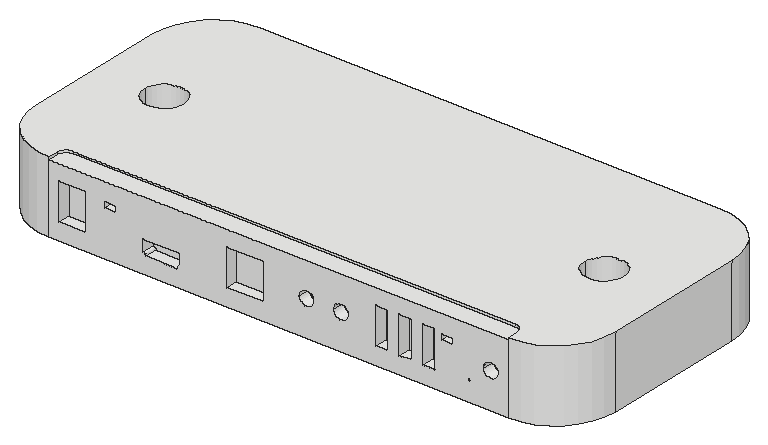
Revit family "Electronics_Huddle-Room-Solutions_Biamp_Devio_Conferencing-Hub_SCR-10__", category Communication Devices, host Face, Revit 2020
Family settings
  Host = Face
  Maintain Annotation Orientation = No
  Round Connector Dimension = Use Diameter
  Part Type = Normal
  OmniClass Number = 23.85.10.17.11.11
  OmniClass Title = Broadcasting Receiving Equipment
  Cut with Voids When Loaded = No
  Shared = No
  Room Calculation Point = No
Parameters (values of type "SCR-10")
  Width = 0' - 7.33333"
  Weight = 0.40 lbf
  Voltage = 5 V
  URL = "https://www.biamp.com/"
  Temperature Range = "50-86° F (10-30° C)"  # constant formula
  Supported Resolutions = "Up to 4096 x 2160p (60fps)"  # constant formula
  Status Indicator = "Status Indicator (Green/Red LED)"  # constant formula
  Product data url = "https://www.bimobject.com/biamp/product/devio-scr-10_huddle-room-solution"
  Product Page URL = "https://www.biamp.com/products/product-families/devio/huddle-room-solutions#devio-scr-10"
  Product Documentation Link = "https://downloads.biamp.com/assets/docs/default-source/data-sheets/biamp_data_sheet_devio_scr-10_nov21.pdf"
  Power Factor = 1
  Physical Interfaces = "HDMI\r"  # constant formula
  Number of Poles = 1
  Network Connection = "RJ-45 with Ethernet cable (Cat 5e and above)"  # constant formula
  Model = "Devio SCR-10"  # constant formula
  Max Power Consumption = 15 W
  Manufacturer = "Biamp"  # constant formula
  Included Accessories = "3m USB 3.0 cable Mounting screws Zip ties"  # constant formula
  Humidity = "10-90% relative humidity (non-condensing)"  # constant formula
  Housing Material = Biamp - Plastic - White
  Height = 0' - 0 29/32"
  HDCP Support = "2.0"  # constant formula
  Description = "Devio® SCR-10 Conferencing Hub"  # constant formula
  Depth = 0' - 3 11/32"
  Default Elevation = 4' - 0"
  Connector Description = "5V DC 15W"  # constant formula
  Compliance = "CE Marked (Europe) RoHS Directive (Europe)"  # constant formula
  Apparent Load = Max Power Consumption / Power Factor  # 15 VA
Reference planes (in)
  plane 1 "Center (Front/Back)": y = 0
  plane 2: z = 0
  plane 3 "Center (Left/Right)": x = 0
  plane 4: x = -3.66667
  plane 5: x = 3.66667
  plane 6: y = 1.67187
  plane 7: y = -1.67188
  plane 8: z = 0.90625
Forms (in)
  Extrusion 1, solid, material "Biamp - Plastic - White" <- "Housing Material", detail levels fine
    sketch origin (0, 0, 0) x (1, 0, 0) y (0, 1, 0)
      loop
        arc (-2.91667, 1.67187) -> (-3.447, 1.45221) -> (-3.66667, 0.92187) r 0.75
        line (-3.66667, 0.92187) -> (-3.66667, -0.92188)
        arc (-3.66667, -0.92188) -> (-3.447, -1.45221) -> (-2.91667, -1.67188) r 0.75
        line (-2.91667, -1.67188) -> (2.91667, -1.67188)
        arc (2.91667, -1.67188) -> (3.447, -1.45221) -> (3.66667, -0.92188) r 0.75
        line (3.66667, -0.92188) -> (3.66667, 0.92187)
        arc (3.66667, 0.92187) -> (3.447, 1.45221) -> (2.91667, 1.67187) r 0.75
        line (2.91667, 1.67187) -> (-2.91667, 1.67187)
    from 0 to 0.90625
  Extrusion 2, void, detail levels medium+fine
    sketch origin (0, 0, 0) x (1, 0, 0) y (0, 1, 0)
      loop
        circle (-2.78792, 0) r 0.25
      loop
        circle (2.78792, 0) r 0.25
    from 0.21974 to 0.90625
  Extrusion 3, void, detail levels fine
    sketch origin (0, 0, 0) x (1, 0, 0) y (0, 1, 0)
      loop
        line (-2.91667, -1.67188) -> (2.91667, -1.67188) -> (2.91667, -1.54688)
        arc (2.91667, -1.54688) -> (2.88006, -1.45849) -> (2.79167, -1.42188) r 0.125
        line (2.79167, -1.42188) -> (-2.79167, -1.42188)
        arc (-2.79167, -1.42188) -> (-2.88006, -1.45849) -> (-2.91667, -1.54688) r 0.125
        line (-2.91667, -1.54688) -> (-2.91667, -1.67188)
    from 0.88243 to 0.90625
  Extrusion 4, void, detail levels medium+fine
    sketch origin (3.86789, -1.67188, 0) x (1, 0, 0) y (0, 0, -1)
      loop
        line (-2.63872, -0.6875) -> (-2.48148, -0.6875) -> (-2.48148, -0.21875) -> (-2.63872, -0.21875) -> (-2.63872, -0.6875)
    from 0 to 0.15508
  Extrusion 5, void, detail levels medium+fine
    sketch origin (4.16575, -1.67188, 0) x (1, 0, 0) y (0, 0, -1)
      loop
        line (-2.63872, -0.6875) -> (-2.48148, -0.6875) -> (-2.48148, -0.21875) -> (-2.63872, -0.21875) -> (-2.63872, -0.6875)
    from 0 to 0.15508
  Extrusion 6, void, detail levels medium+fine
    sketch origin (4.46361, -1.67188, 0) x (1, 0, 0) y (0, 0, -1)
      loop
        line (-2.63872, -0.6875) -> (-2.48148, -0.6875) -> (-2.48148, -0.21875) -> (-2.63872, -0.21875) -> (-2.63872, -0.6875)
    from 0 to 0.15508
  Extrusion 7, void, detail levels medium+fine
    sketch origin (3.72726, -1.67188, 0) x (1, 0, 0) y (0, 0, -1)
      loop
        circle (-2.9356, -0.45312) r 0.09375
    from 0 to 0.15508
  Extrusion 8, void, detail levels medium+fine
    sketch origin (3.28976, -1.67188, 0) x (1, 0, 0) y (0, 0, -1)
      loop
        circle (-2.9356, -0.45312) r 0.09375
    from 0 to 0.15508
  Extrusion 9, void, detail levels medium+fine
    sketch origin (5.62575, -1.67188, 0) x (1, 0, 0) y (0, 0, -1)
      loop
        circle (-2.9356, -0.45312) r 0.09375
    from 0 to 0.15508
  Extrusion 10, void, detail levels medium+fine
    sketch origin (3.97726, -1.67188, 0) x (1, 0, 0) y (0, 0, -1)
      loop
        line (-4.64028, -0.6875) -> (-4.17153, -0.6875) -> (-4.17153, -0.21875) -> (-4.64028, -0.21875) -> (-4.64028, -0.6875)
    from 0 to 0.15508
  Extrusion 11, void, detail levels medium+fine
    sketch origin (2.92345, -1.67188, 0) x (1, 0, 0) y (0, 0, -1)
      loop
        line (-4.64028, -0.40625) -> (-4.17153, -0.40625) -> (-4.17153, -0.25608)
        arc (-4.17153, -0.25608) -> (-4.19793, -0.24515) -> (-4.20886, -0.21875) r 0.03733
        line (-4.20886, -0.21875) -> (-4.60294, -0.21875)
        arc (-4.60294, -0.21875) -> (-4.61388, -0.24515) -> (-4.64028, -0.25608) r 0.03733
        line (-4.64028, -0.25608) -> (-4.64028, -0.40625)
    from 0 to 0.15508
  Extrusion 12, void, detail levels medium+fine
    sketch origin (1.85087, -1.67188, 0) x (1, 0, 0) y (0, 0, -1)
      loop
        line (-4.64028, -0.6875) -> (-4.29653, -0.6875) -> (-4.29653, -0.21875) -> (-4.64028, -0.21875) -> (-4.64028, -0.6875)
    from 0 to 0.15508
  Extrusion 13, void, detail levels medium+fine
    sketch origin (2.31418, -1.67188, 0) x (1, 0, 0) y (0, 0, -1)
      loop
        line (-4.52309, -0.65625) -> (-4.37465, -0.65625) -> (-4.37465, -0.57812) -> (-4.52309, -0.57812) -> (-4.52309, -0.65625)
      loop
        line (-0.10528, -0.65625) -> (-0.10528, -0.57812) -> (-0.25372, -0.57812) -> (-0.25372, -0.65625) -> (-0.10528, -0.65625)
    from 0 to 0.15508
  Extrusion 14, void, detail levels medium+fine
    sketch origin (5.35038, -1.67188, -0.19282) x (1, 0, 0) y (0, 0, -1)
      loop
        circle (-2.9356, -0.45312) r 0.01188
    from 0 to 0.15508
  Extrusion 15, solid, material "Biamp - Plastic - White" <- "Housing Material", detail levels medium
    sketch origin (0, 0, 0) x (1, 0, 0) y (0, 1, 0)
      loop
        line (-3.66667, 1.67187) -> (-3.66667, -1.67188) -> (3.66667, -1.67188) -> (3.66667, 1.67187) -> (-3.66667, 1.67187)
    from 0 to 0.90625
  Extrusion 16, solid, material "Biamp - Plastic - White" <- "Housing Material", detail levels coarse
    sketch origin (0, 0, 0) x (1, 0, 0) y (0, 1, 0)
      loop
        line (-3.66667, 1.67187) -> (-3.66667, -1.67188) -> (3.66667, -1.67188) -> (3.66667, 1.67187) -> (-3.66667, 1.67187)
    from 0 to 0.90625
Cuts and joins
  Extrusion 2, Extrusion 3, Extrusion 4, Extrusion 5, Extrusion 6, Extrusion 7, Extrusion 8, Extrusion 9, Extrusion 10, Extrusion 11, Extrusion 12, Extrusion 13, Extrusion 14 cuts Extrusion 1
  Extrusion 2, Extrusion 4, Extrusion 5, Extrusion 6, Extrusion 7, Extrusion 8, Extrusion 9, Extrusion 10, Extrusion 11, Extrusion 12, Extrusion 13, Extrusion 14 cuts Extrusion 15
Lines and regions (in)
  Masking region 1, detail levels coarse+medium
    outline origin (0, 0, 0) x (1, 0, 0) y (0, 1, 0)
      loop
        line (3.66667, 1.67187) -> (-3.66667, 1.67187) -> (-3.66667, -1.67188) -> (3.66667, -1.67188) -> (3.66667, 1.67187)
  Masking region 2, detail levels fine
    outline origin (0, 0, 0) x (1, 0, 0) y (0, 1, 0)
      loop
        arc (-2.91667, 1.67187) -> (-3.447, 1.45221) -> (-3.66667, 0.92187) r 0.75
        line (-3.66667, 0.92187) -> (-3.66667, -0.92188)
        arc (-3.66667, -0.92188) -> (-3.447, -1.45221) -> (-2.91667, -1.67188) r 0.75
        line (-2.91667, -1.67188) -> (2.91667, -1.67188)
        arc (2.91667, -1.67188) -> (3.447, -1.45221) -> (3.66667, -0.92188) r 0.75
        line (3.66667, -0.92188) -> (3.66667, 0.92187)
        arc (3.66667, 0.92187) -> (3.447, 1.45221) -> (2.91667, 1.67187) r 0.75
        line (2.91667, 1.67187) -> (-2.91667, 1.67187)
  symbolic lines, detail levels fine
    curve 1: line (-3.66667, 0.92187, 0) -> (-3.66667, -0.92188, 0)
    curve 2: line (-2.91667, -1.67188, 0) -> (-2.91667, -1.54688, 0)
    curve 3: arc (-2.91667, -1.54688, 0) -> (-2.88006, -1.45849, 0) -> (-2.79167, -1.42188, 0) r 0.125
    curve 4: line (-2.79167, -1.42188, 0) -> (2.79167, -1.42188, 0)
    curve 5: arc (2.79167, -1.42188, 0) -> (2.88006, -1.45849, 0) -> (2.91667, -1.54688, 0) r 0.125
    curve 6: line (2.91667, -1.54688, 0) -> (2.91667, -1.67188, 0)
    curve 7: line (3.66667, -0.92188, 0) -> (3.66667, 0.92187, 0)
    curve 12: line (2.79167, -1.42188, 0) -> (-2.79167, -1.42188, 0)
    curve 13: arc (-2.79167, -1.42188, 0) -> (-2.88006, -1.45849, 0) -> (-2.91667, -1.54688, 0) r 0.125
    curve 14: line (-2.91667, -1.54688, 0) -> (-2.91667, -1.67188, 0)
    curve 15: line (2.91667, -1.67188, 0) -> (2.91667, -1.54688, 0)
    curve 16: arc (2.91667, -1.54688, 0) -> (2.88006, -1.45849, 0) -> (2.79167, -1.42188, 0) r 0.125
    curve 17: line (2.91667, -1.67188, 0) -> (-2.91667, -1.67188, 0)
  symbolic lines, detail levels medium+fine
    curve 8: arc (-3.03792, 0, 0) -> (-2.78792, 0.25, 0) -> (-2.53792, 0, 0) r 0.25
    curve 9: arc (-2.53792, 0, 0) -> (-2.78792, -0.25, 0) -> (-3.03792, 0, 0) r 0.25
    curve 10: arc (2.53792, 0, 0) -> (2.78792, 0.25, 0) -> (3.03792, 0, 0) r 0.25
    curve 11: arc (3.03792, 0, 0) -> (2.78792, -0.25, 0) -> (2.53792, 0, 0) r 0.25
Dimensions and locks (in)
  equal spacing: plane 4, plane 3 "Center (Left/Right)", plane 5
  "Width": plane 4 to plane 5
  equal spacing: plane 6, plane 1 "Center (Front/Back)", plane 7
  "Depth": plane 6 to plane 7
  "Height": plane 8 to level
  locked: plane 8 to cut or joined group 1 (Extrusion 1, Extrusion 2, Extrusion 3, Extrusion 4, Extrusion 5, Extrusion 6, Extrusion 7, Extrusion 8, Extrusion 9, Extrusion 10, Extrusion 11, Extrusion 12, Extrusion 13, Extrusion 14) at 0.02382
  aligned and locked: plane 2 to host face
  aligned and locked: level to host face
  aligned and locked: Extrusion 1 sketch curve to plane 6
  aligned and locked: plane 4 to Extrusion 1 sketch curve
  aligned and locked: plane 7 to Extrusion 1 sketch curve
  aligned and locked: Extrusion 1 sketch curve to plane 5
  aligned and locked: plane 8 to Extrusion 1
  aligned and locked: Extrusion 1 to Extrusion 3
  aligned and locked: Extrusion 15 sketch curve to plane 6
  aligned and locked: plane 4 to Extrusion 15 sketch curve
  aligned and locked: plane 7 to Extrusion 15 sketch curve
  aligned and locked: Extrusion 15 sketch curve to plane 5
  aligned and locked: plane 8 to Extrusion 15
  aligned and locked: Extrusion 16 to plane 4
Automatic sketch dimensions
  host sketch curve to host sketch curve = 8' - 0"  (x2)
  plane 4 to Extrusion 1 sketch curve = 0' - 0 3/4"
  Extrusion 1 sketch curve to Extrusion 1 sketch curve = 0' - 0 3/4"
  Extrusion 1 sketch curve to plane 5 = 0' - 0 3/4"  (x2)
  plane 1 "Center (Front/Back)" to Extrusion 2 sketch curve = 0' - 0"  (x2)
  plane 4 to Extrusion 2 sketch curve = 0' - 0.87875"
  Extrusion 2 sketch curve to plane 5 = 0' - 0.87875"
  Extrusion 3 sketch curve to plane 7 = 0' - 0"
  plane 4 to Extrusion 3 sketch curve = 0' - 0 3/4"
  Extrusion 3 sketch curve to Extrusion 3 sketch curve = 0' - 0 1/8"  (x2)
  plane 7 to Extrusion 3 sketch curve = 0' - 0 1/4"
  Extrusion 3 sketch curve to plane 5 = 0' - 0 7/8"
  Extrusion 4 sketch curve to Extrusion 1 = 0' - 0 7/32"  (x2)
  Extrusion 1 to Extrusion 4 sketch curve = 0' - 1 11/16"
  Extrusion 4 sketch curve to Extrusion 4 sketch curve = 0' - 0.15724"
  Extrusion 5 sketch curve to Extrusion 1 = 0' - 0 7/32"  (x2)
  Extrusion 1 to Extrusion 5 sketch curve = 0' - 1.38964"
  Extrusion 5 sketch curve to Extrusion 5 sketch curve = 0' - 0.15724"
  Extrusion 6 sketch curve to Extrusion 1 = 0' - 0 7/32"  (x2)
  Extrusion 1 to Extrusion 6 sketch curve = 0' - 1.09178"
  Extrusion 6 sketch curve to Extrusion 6 sketch curve = 0' - 0.15724"
  Extrusion 7 sketch curve to Extrusion 1 = 0' - 0 29/64"
  Extrusion 1 to Extrusion 7 sketch curve = 0' - 2 1/8"
  Extrusion 8 sketch curve to Extrusion 1 = 0' - 0 29/64"
  Extrusion 1 to Extrusion 8 sketch curve = 0' - 2 9/16"
  Extrusion 1 to Extrusion 9 sketch curve = 0' - 0.22651"
  Extrusion 9 sketch curve to Extrusion 1 = 0' - 0 29/64"
  Extrusion 10 sketch curve to Extrusion 1 = 0' - 0 7/32"  (x2)
  Extrusion 1 to Extrusion 10 sketch curve = 0' - 2.25365"
  Extrusion 10 sketch curve to Extrusion 10 sketch curve = 0' - 0 15/32"
  Extrusion 11 sketch curve to Extrusion 1 = 0' - 0 13/32"
  Extrusion 1 to Extrusion 11 sketch curve = 0' - 1.19984"
  Extrusion 11 sketch curve to Extrusion 11 sketch curve = 0' - 0.03733"  (x2)
  Extrusion 11 sketch curve to Extrusion 11 sketch curve = 0' - 0.39408"
  Extrusion 11 sketch curve to Extrusion 11 sketch curve = 0' - 0.15017"
  Extrusion 1 to Extrusion 12 sketch curve = 0' - 0.12726"
  Extrusion 12 sketch curve to Extrusion 12 sketch curve = 0' - 0 11/32"
  Extrusion 12 sketch curve to Extrusion 1 = 0' - 0 7/32"  (x2)
  Extrusion 13 sketch curve to Extrusion 1 = 0' - 0 21/64"  (x2)
  Extrusion 1 to Extrusion 13 sketch curve = 0' - 0.70776"
  Extrusion 13 sketch curve to Extrusion 13 sketch curve = 0' - 0 19/128"  (x2)
  Extrusion 1 to Extrusion 13 sketch curve = 0' - 0.8562"
  Extrusion 13 sketch curve to Extrusion 13 sketch curve = 0' - 0 5/64"  (x2)
  Extrusion 1 to Extrusion 14 sketch curve = 0' - 0.50189"
  Extrusion 14 sketch curve to Extrusion 1 = 0' - 0.26031"
  Extrusion 16 sketch curve to plane 7 = 0' - 0"
  Extrusion 16 sketch curve to plane 6 = 0' - 0"
  Extrusion 16 sketch curve to plane 3 "Center (Left/Right)" = 0' - 3.66667"
  plane 5 to Extrusion 16 sketch curve = 0' - 0"
  curve 1 to plane 4 = 0' - 0"
  plane 1 "Center (Front/Back)" to curve 9 = 0' - 0"
  curve 17 to plane 7 = 0' - 0"
  plane 1 "Center (Front/Back)" to curve 11 = 0' - 0"
  curve 7 to plane 5 = 0' - 0"
  curve 2 to curve 4 = 0' - 0 1/8"
  plane 4 to curve 9 = 0' - 0.87875"
  curve 11 to plane 5 = 0' - 0.87875"
  plane 7 to curve 12 = 0' - 0 1/4"
  curve 12 to plane 5 = 0' - 0 7/8"
  plane 7 to curve 15 = 0' - 0 1/8"
  curve 9 to curve 8 = 0' - 0 1/4"
  curve 11 to curve 10 = 0' - 0 1/4"
  plane 7 to curve 1 = 0' - 0 3/4"
  curve 1 to plane 6 = 0' - 0 3/4"
  curve 7 to plane 6 = 0' - 0 3/4"
  plane 7 to curve 7 = 0' - 0 3/4"
  curve 3 to curve 13 = 0' - 0"
  plane 4 to curve 17 = 0' - 0 3/4"
  Masking region 1 sketch curve to plane 4 = 0' - 0"
  Masking region 1 sketch curve to plane 7 = 0' - 0"
  Masking region 1 sketch curve to plane 6 = 0' - 0"
  Masking region 1 sketch curve to plane 5 = 0' - 0"
  Masking region 2 sketch curve to plane 4 = 0' - 0"
  Masking region 2 sketch curve to plane 6 = 0' - 0"
  Masking region 2 sketch curve to Masking region 2 sketch curve = 0' - 0 3/4"
  plane 7 to Masking region 2 sketch curve = 0' - 0 3/4"
  Masking region 2 sketch curve to plane 7 = 0' - 0"
  Masking region 2 sketch curve to plane 5 = 0' - 0 3/4"
  Masking region 2 sketch curve to plane 5 = 0' - 0"
  Masking region 2 sketch curve to plane 6 = 0' - 0 3/4"
  radius of Extrusion 2 sketch curve = 0' - 0 1/4"  (x2)
  radius of Extrusion 7 sketch curve = 0' - 0 3/32"
  radius of Extrusion 8 sketch curve = 0' - 0 3/32"
  radius of Extrusion 9 sketch curve = 0' - 0 3/32"
  radius of Extrusion 14 sketch curve = 0' - 0.01188"
Connectors (in)
  electrical at (-1.48245, -1.67188, 0.29369)
    settings: on cut or joined group 1, index 2, voltage 0 V, apparent load 0 VA, apparent load phase1 0 VA, apparent load phase2 0 VA, apparent load phase3 0 VA, power factor 1, load classification "Other", number of poles 1, system type 5, power factor state 1, is connector primary yes, connector utility no, sub classification motor no, connector description "HDMI"
  electrical at (-0.42864, -1.67188, 0.45312)
    settings: on cut or joined group 1, index 3, voltage 0 V, apparent load 0 VA, apparent load phase1 0 VA, apparent load phase2 0 VA, apparent load phase3 0 VA, power factor 1, load classification "Other", number of poles 1, system type 5, power factor state 1, is connector primary no, connector utility no, sub classification motor no, connector description "RJ-45 with Ethernet cable (Cat 5e and above)"
  electrical at (0.35417, -1.67188, 0.45312)
    settings: on cut or joined group 1, index 4, voltage 0 V, apparent load 0 VA, apparent load phase1 0 VA, apparent load phase2 0 VA, apparent load phase3 0 VA, power factor 1, load classification "Other", number of poles 1, system type 5, power factor state 1, is connector primary no, connector utility no, sub classification motor no, connector description "Microphone Input"
  electrical at (0.79167, -1.67188, 0.45312)
    settings: on cut or joined group 1, index 5, voltage 0 V, apparent load 0 VA, apparent load phase1 0 VA, apparent load phase2 0 VA, apparent load phase3 0 VA, power factor 1, load classification "Other", number of poles 1, system type 5, power factor state 1, is connector primary no, connector utility no, sub classification motor no, connector description "Audio Output"
  electrical at (1.30779, -1.67188, 0.45312)
    settings: on cut or joined group 1, index 6, voltage 0 V, apparent load 0 VA, apparent load phase1 0 VA, apparent load phase2 0 VA, apparent load phase3 0 VA, power factor 1, load classification "Other", number of poles 1, system type 5, power factor state 1, is connector primary no, connector utility no, sub classification motor no, connector description "USB"
  electrical at (1.60565, -1.67188, 0.45312)
    settings: on cut or joined group 1, index 7, voltage 0 V, apparent load 0 VA, apparent load phase1 0 VA, apparent load phase2 0 VA, apparent load phase3 0 VA, power factor 1, load classification "Other", number of poles 1, system type 5, power factor state 1, is connector primary no, connector utility no, sub classification motor no, connector description "USB"
  electrical at (1.90351, -1.67188, 0.45312)
    settings: on cut or joined group 1, index 8, voltage 0 V, apparent load 0 VA, apparent load phase1 0 VA, apparent load phase2 0 VA, apparent load phase3 0 VA, power factor 1, load classification "Other", number of poles 1, system type 5, power factor state 1, is connector primary no, connector utility no, sub classification motor no, connector description "USB"
  electrical at (2.69015, -1.67188, 0.45312), driven by "Connector Description", driven by "Power Factor", driven by "Apparent Load", driven by "Voltage", driven by "Number of Poles"
    settings: on cut or joined group 1, index 9, voltage 5 V, apparent load 15 VA, apparent load phase1 0 VA, apparent load phase2 0 VA, apparent load phase3 0 VA, power factor 1, load classification "Other", number of poles 1, system type 30, power factor state 1, is connector primary no, connector utility no, sub classification motor no, connector description "5V DC 15W"
  electrical at (-2.61753, -1.67188, 0.45312)
    settings: on cut or joined group 1, index 10, voltage 0 V, apparent load 0 VA, apparent load phase1 0 VA, apparent load phase2 0 VA, apparent load phase3 0 VA, power factor 1, load classification "Other", number of poles 1, system type 5, power factor state 1, is connector primary no, connector utility no, sub classification motor no, connector description "Image transfer"
